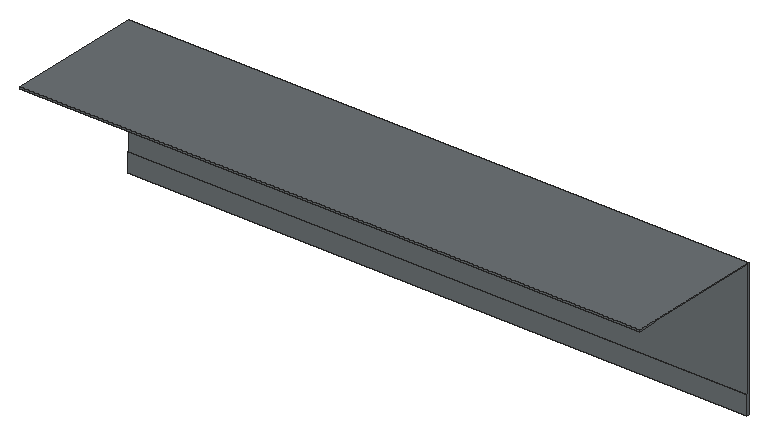
Revit family "BIMLIB_ПланкаУглаВнешнего_GRANDLINE", category Обобщенные модели, Revit 2017
Family settings
  Может служить основой для арматурных стержней = Нет
  Размер круглого соединителя = Использовать диаметр
  Тип детали = Нормальный
  При загрузке вырезать с полостями = Нет
  Общий = Нет
  Точка расчета площади = Нет
Parameters (values of type "110х110")
  Смещение от плоскости [instance] = 0 mm
  Описание = ADSK_Наименование  # "Планка угла внешнего 110х110"
  Нахлест_Длина = 15 mm
  Изготовитель = "Grand Line"  # constant formula
  built-in parameter 1001306 [instance] = 500 mm
  Watermark [instance] = "Модели защищены уникальным кодом"
  URL = "https://www.grandline.ru"
  BL_Разработано = "support@bimlib.pro"
  BL_Email = "info@grandline.ru"
  BL_BIM library = "https://bimlib.pro/manufacturer/company/22430"
  ADSK_Размер_Длина [instance] = [built-in parameter 1001306]  # 500 mm
  ADSK_Размер_Глубина = 110 mm
  ADSK_Обозначение = "ГОСТ 19904-90, ГОСТ 14918-80"
  ADSK_Наименование = "Планка угла внешнего 110х110"
  ADSK_Материал тип подсчета = 1  # constant formula
  ADSK_Материал = GL_Drap_RAL7016
  ADSK_Масса_Текст [instance] = ""
  ADSK_Масса [instance] = 0
  ADSK_Марка = ""
  ADSK_Количество [instance] = if(ADSK_Материал тип подсчета = 0, 1, if(ADSK_Материал тип подсчета = 1, ADSK_Размер_Длина / 1000 mm, 0))  # 0.5
  ADSK_Код изделия = "M011-054"
  ADSK_Завод-изготовитель = "Grand Line"  # constant formula
  ADSK_Единица измерения = "м"  # constant formula
  ADSK_Группирование = "Доборные элементы"  # constant formula
  ADSK_Версия Revit = "2017"  # constant formula
  ADSK_URL страницы изделия = "https://www.grandline.ru/katalog/fasad/dobornye-elementy-fasada/planki-uglov/planki-vneshnikh-uglov/planka-ugla-vneshnego-110kh110/"
  ADSK_URL документации изделия = "https://www.grandline.ru/uploads/files/chertezhi_vse/dobornye_elementy/de_saiyding_fasad/Planka_ugla_vneshneego_110x110.jpg"
Types (5, lengths in mm): name | Описание | Нахлест_Длина | ADSK_Размер_Глубина | ADSK_Наименование | ADSK_Код изделия | ADSK_URL страницы изделия | ADSK_URL документации изделия
  30х30 | "Планка угла внешнего 30х30" | 10 | 30 | "Планка угла внешнего 30х30" | "M011.052" | "https://www.grandline.ru/katalog/fasad/dobornye-elementy-fasada/planki-uglov/planki-vneshnikh-uglov/planka-ugla-vneshnego-10kh30kh30kh10/" | "https://www.grandline.ru/uploads/files/chertezhi_vse/dobornye_elementy/de_saiyding_fasad/Planka_ugla_vneshneego_30x30.jpg"
  40х40 | "Угол внешний 40х40" | 10 | 40 | "Угол внешний 40х40" | "M018.060.004" | "https://www.grandline.ru" | "https://www.grandline.ru"
  50х50 | "Планка угла внешнего 50х50" | 12.5 | 50 | "Планка угла внешнего 50х50" | "M011-053" | "https://www.grandline.ru/katalog/fasad/dobornye-elementy-fasada/planki-uglov/planki-vneshnikh-uglov/planka-ugla-vneshnego-50kh50/" | "https://www.grandline.ru/uploads/files/chertezhi_vse/dobornye_elementy/de_saiyding_fasad/Planka_ugla_vneshneego_50x50.jpg"
  70х70 | "Угол внешний 70х70" | 10 | 70 | "Угол внешний 70х70" | "M018.060.003" | "https://www.grandline.ru" | "https://www.grandline.ru"
  110х110 | "Планка угла внешнего 110х110" | 15 | 110 | "Планка угла внешнего 110х110" | "M011-054" | "https://www.grandline.ru/katalog/fasad/dobornye-elementy-fasada/planki-uglov/planki-vneshnikh-uglov/planka-ugla-vneshnego-110kh110/" | "https://www.grandline.ru/uploads/files/chertezhi_vse/dobornye_elementy/de_saiyding_fasad/Planka_ugla_vneshneego_110x110.jpg"
Reference planes
  plane 1 "По центру (Вперед/Назад)": y = 0
  plane 2: z = 0
  plane 3 "Слева": x = 0
  plane 4 "Справа": x = 500
Forms (mm)
  Sweep 1, solid, material "GL_Drap_RAL7016" <- "ADSK_Материал"
    path in 3D
      loop
        line (0, 0, 0) -> (500, 0, 0)
    profile "Профиль_УголВнешний : Профиль" origin (250, 0, 0) x (0, 1, 0) y (0, 0, 1)
      loop
        line (-108.4, 1.6) -> (-108.4, 0) -> (-93.4, 0) -> (-93.4, 0.8) -> (0.8, 0.8) -> (0.8, -93.4) -> (0, -93.4) -> (0, -108.4) -> (1.6, -108.4) -> (1.6, 1.6) -> (-108.4, 1.6)
Lines and regions (mm)
  reference lines
    curve 1: line (0, 0, 0) -> (500, 0, 0)
  sketch lines
    curve 2: line (0, 0, 0) -> (500, 0, 0)
Dimensions and locks
  "built-in parameter 1001306": plane 3 "Слева" to plane 4 "Справа"
  aligned and locked: plane 4 "Справа" to curve 1
  aligned and locked: plane 1 "По центру (Вперед/Назад)" to curve 1
  aligned and locked: plane 3 "Слева" to curve 1
  aligned and locked: level to plane 2
